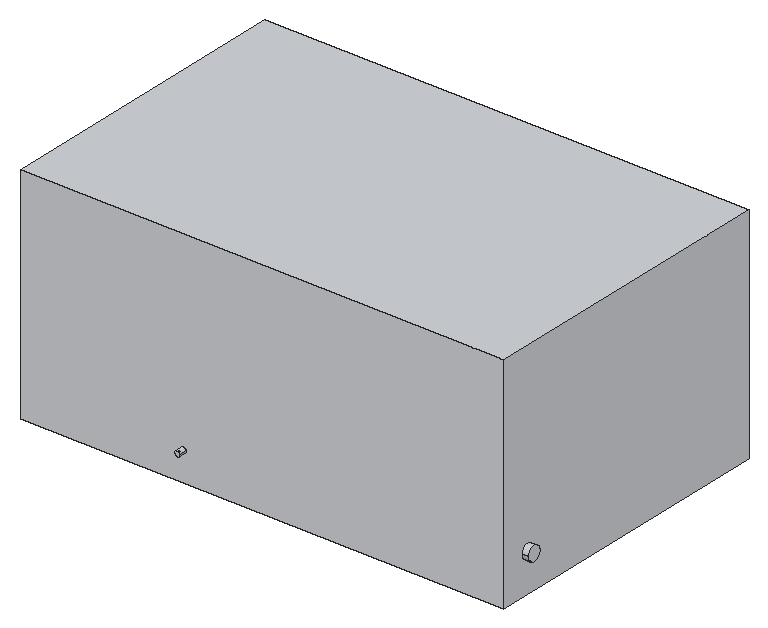
Revit family "c56fe1ef76ba45d2af809c8f269043e9", category Mechanical Equipment, Revit 2021
Family settings
  Round Connector Dimension = Use Radius
  Part Type = Normal
  OmniClass Number = 23.75.10.21.17
  OmniClass Title = Water-Source Heat Pumps
  Seek Item ID = Heat Pump - Single Packaged-0000-USA-ENU
  Work Plane-Based = No
  Always vertical = Yes
  Cut with Voids When Loaded = No
  Shared = No
  Room Calculation Point = No
Parameters (values of type "3 Tons")
  Voltage = 460 V
  Unit Width = 3' - 8 1/4"
  Unit Length = 5' - 9 7/8"
  Unit Height = 2' - 8 1/4"
  Supply Air Width = 15 1/4"
  Supply Air Height = 18"
  Supply Air Flow [instance] = 1440 CFM
  Return Air Width = 14"
  Return Air Height = 24"
  Return Air Flow [instance] = 1440 CFM
  Radius 4 = 0.2 * Fan Radius  # 0' - 1.77"
  Radius 3 = 0.4 * Fan Radius  # 0' - 3.54"
  Radius 2 = 0.6 * Fan Radius  # 0' - 5.31"
  Radius 1 = 0.8 * Fan Radius  # 0' - 7.08"
  Number of Poles = 3
  Material = none
  Load Classification = Cooling
  Heating Output [instance] = 59400 Btu/h
  Heating Input [instance] = 59371.3 Btu/h
  Fan Radius = 0.2 * Unit Width  # 0' - 8.85"
  Drain Radius = 3/8"
  Drain Flow [instance] = 0 GPM
  Drain Diameter = Drain Radius * 2  # 3/4"
  Distance 2 = Fan Radius + 0' 5"  # 1' - 1.85"
  Distance 1 = 0' - 9 1/4"
  Default Elevation = 0' - 0"
  Cooling Capacity [instance] = 38100 Btu/h
  C3 Offset 2 = 0' - 4 1/4"
  C3 Offset 1 = 1' - 11 9/16"
  C2 Offset 2 = 0' - 4"
  C2 Offset 1 = 0' - 3 5/8"
  Apparent Load = 3960 VA
  External Static Pressure [instance] = 0.69 in-wg
Types (7): name | Unit Width | Unit Length | Unit Height | Supply Air Width | Supply Air Height | Supply Air Flow | Return Air Width | Return Air Height | Return Air Flow | Radius 4 | Radius 3 | Radius 2 | Radius 1 | Heating Output | Heating Input | Fan Radius | Distance 2 | Distance 1 | Cooling Capacity | C3 Offset 1 | Apparent Load | External Static Pressure
  (no name) | 3' - 8 1/4" | 5' - 9 7/8" | 2' - 8 1/4" | 15 1/4" | 18" | 1440 CFM | 14" | 24" | 1440 CFM | 0' - 1.77" | 0' - 3.54" | 0' - 5.31" | 0' - 7.08" | 59400 Btu/h | 59371.3 Btu/h | 0' - 8.85" | 1' - 1.85" | 0' - 9 1/4" | 38100 Btu/h | 1' - 11 9/16" | 3960 VA | 0.69 in-wg
  3 Tons | 3' - 8 1/4" | 5' - 9 7/8" | 2' - 8 1/4" | 15 1/4" | 18" | 1440 CFM | 14" | 24" | 1440 CFM | 0' - 1.77" | 0' - 3.54" | 0' - 5.31" | 0' - 7.08" | 59400 Btu/h | 59371.3 Btu/h | 0' - 8.85" | 1' - 1.85" | 0' - 9 1/4" | 38100 Btu/h | 1' - 11 9/16" | 3960 VA | 0.69 in-wg
  4 Tons | 3' - 8 1/4" | 5' - 9 7/8" | 2' - 8 1/4" | 15 1/4" | 18" | 1920 CFM | 14" | 24" | 1920 CFM | 0' - 1.77" | 0' - 3.54" | 0' - 5.31" | 0' - 7.08" | 59400 Btu/h | 59371.3 Btu/h | 0' - 8.85" | 1' - 1.85" | 0' - 9 1/4" | 50800 Btu/h | 1' - 11 9/16" | 5050 VA | 1.07 in-wg
  5 Tons | 3' - 8 1/4" | 5' - 9 7/8" | 2' - 8 1/4" | 15 1/4" | 18" | 2400 CFM | 14" | 24" | 2400 CFM | 0' - 1.77" | 0' - 3.54" | 0' - 5.31" | 0' - 7.08" | 78520 Btu/h | 78479.3 Btu/h | 0' - 8.85" | 1' - 1.85" | 0' - 9 1/4" | 63100 Btu/h | 1' - 11 9/16" | 6740 VA | 0.76 in-wg
  6 Tons | 4' - 5 1/4" | 7' - 4 5/8" | 3' - 4 7/8" | 17 1/2" | 33" | 2880 CFM | 17 1/2" | 32 1/8" | 2880 CFM | 0' - 2.13" | 0' - 4.26" | 0' - 6.39" | 0' - 8.52" | 122900 Btu/h | 122837.1 Btu/h | 0' - 10.65" | 1' - 3.65" | 0' - 9 7/8" | 74000 Btu/h | 2' - 3 5/8" | 6600 VA | 0.41 in-wg
  7.5 Tons | 4' - 5 1/4" | 7' - 4 5/8" | 3' - 4 7/8" | 17 1/2" | 33" | 3600 CFM | 17 1/2" | 32 1/8" | 3600 CFM | 0' - 2.13" | 0' - 4.26" | 0' - 6.39" | 0' - 8.52" | 122900 Btu/h | 122837.1 Btu/h | 0' - 10.65" | 1' - 3.65" | 0' - 9 7/8" | 93000 Btu/h | 2' - 3 5/8" | 8710 VA | 0.68 in-wg
  10 Tons | 4' - 5 1/4" | 7' - 4 5/8" | 4' - 0 7/8" | 17 1/2" | 33" | 4080 CFM | 17 1/2" | 32 1/8" | 4080 CFM | 0' - 2.13" | 0' - 4.26" | 0' - 6.39" | 0' - 8.52" | 184360 Btu/h | 184255.6 Btu/h | 0' - 10.65" | 1' - 3.65" | 0' - 9 7/8" | 121000 Btu/h | 2' - 3 5/8" | 11190 VA | 0.86 in-wg
Reference planes (in)
  plane 1 "Center (Front/Back)": y = 0
  plane 2: z = 0
  plane 3 "Center (Left/Right)": x = 0
  plane 4: x = -69.875
  plane 5 "Unit Height": z = 32.25
  plane 6: y = 44.25
  plane 7: z = 4.25
  plane 8: x = -46.3125
  plane 9: y = 40.25
  plane 10: x = -66.25
  plane 11: x = -52.25
  plane 12: y = 16.25
  plane 13: x = -43
  plane 14: x = -27.75
  plane 15: y = 22.25
  plane 16: z = 5.625
  plane 17: y = 4.25
  plane 18: y = 22.125
  plane 19: x = -13.85
Forms (in)
  Extrusion 1, solid, material <- "Material"
    sketch origin (0, 0, 0) x (1, 0, 0) y (0, 1, 0)
      loop
        line (-69.875, 44.25) -> (-69.875, 0) -> (0, 0) -> (0, 44.25) -> (-69.875, 44.25)
    from 0 to 32.25
  Extrusion 2, solid, material <- "Material"
    sketch origin (0, 0, 0) x (1, 0, 0) y (0, 0, 1)
      loop
        circle (-46.3125, 4.25) r 0.375
    from 0 to 1.00679
  Extrusion 3, void
    sketch origin (0, 0, 0) x (1, 0, 0) y (0, 1, 0)
      loop
        line (-66.25, 40.25) -> (-66.25, 16.25) -> (-52.25, 16.25) -> (-52.25, 40.25) -> (-66.25, 40.25)
      loop
        line (-43, 40.25) -> (-43, 22.25) -> (-27.75, 22.25) -> (-27.75, 40.25) -> (-43, 40.25)
    from 0 to 4.25
  Extrusion 4, solid, material <- "Material"
    sketch origin (0, 0, 0) x (0, 1, 0) y (0, 0, 1)
      loop
        circle (4.25, 5.625) r 1
    from 0 to 1
Cuts and joins
  Extrusion 3 cuts Extrusion 1
  joined: Extrusion 1, Extrusion 2, Extrusion 4
Lines and regions (in)
  model lines
    curve 1: circle (-13.85, 22.125, 32.25) r 8.85 normal (0, 0, 1)
    curve 2: circle (-13.85, 22.125, 32.25) r 7.08 normal (0, 0, 1)
    curve 3: circle (-13.85, 22.125, 32.25) r 5.31 normal (0, 0, 1)
    curve 4: circle (-13.85, 22.125, 32.25) r 3.54 normal (0, 0, 1)
    curve 5: circle (-13.85, 22.125, 32.25) r 1.77 normal (0, 0, 1)
Dimensions and locks (in)
  "Unit Height": plane 5 "Unit Height" to plane 2
  "Unit Length": plane 4 to plane 3 "Center (Left/Right)"
  "Unit Width": plane 6 to plane 1 "Center (Front/Back)"
  "C3 Offset 2": plane 7 to plane 2
  "C3 Offset 1": plane 8 to plane 4
  locked: Extrusion 2 to plane 1 "Center (Front/Back)" at 1.00679
  "C2 Offset 2": plane 6 to plane 9
  "C2 Offset 1": plane 4 to plane 10
  "Return Air Height": plane 9 to plane 12
  "Return Air Width": plane 10 to plane 11
  "Distance 1": plane 11 to plane 13
  "Supply Air Width": plane 13 to plane 14
  "Supply Air Height": plane 9 to plane 15
  locked: plane 16 to plane 2 at 5.625
  locked: plane 17 to plane 1 "Center (Front/Back)" at 4.25
  locked: Extrusion 4 to plane 3 "Center (Left/Right)" at 1
  equal spacing: plane 6, plane 18, plane 1 "Center (Front/Back)"
  "Distance 2": plane 19 to plane 3 "Center (Left/Right)"
  "Drain Radius": radius of Extrusion 2 sketch curve
  radius of Extrusion 4 sketch curve = 0' - 1"
  "Fan Radius": radius of curve 1
  "Radius 1": radius of curve 2
  "Radius 2": radius of curve 3
  "Radius 3": radius of curve 4
  "Radius 4": radius of curve 5
  aligned and locked: plane 4 to Extrusion 1 sketch curve
  aligned and locked: Extrusion 1 sketch curve to plane 6
  aligned and locked: plane 1 "Center (Front/Back)" to Extrusion 1 sketch curve
  aligned and locked: Extrusion 1 sketch curve to plane 3 "Center (Left/Right)"
  aligned and locked: plane 5 "Unit Height" to Extrusion 1
  aligned and locked: Extrusion 1 to plane 2
  aligned and locked: plane 8 to Extrusion 2 sketch curve
  aligned and locked: plane 7 to Extrusion 2 sketch curve
  aligned and locked: plane 1 "Center (Front/Back)" to Extrusion 2
  aligned and locked: plane 10 to Extrusion 3 sketch curve
  aligned and locked: Extrusion 3 sketch curve to plane 9  (x2)
  aligned and locked: plane 12 to Extrusion 3 sketch curve
  aligned and locked: Extrusion 3 sketch curve to plane 11
  aligned and locked: plane 13 to Extrusion 3 sketch curve
  aligned and locked: plane 15 to Extrusion 3 sketch curve
  aligned and locked: Extrusion 3 sketch curve to plane 14
  aligned and locked: cut or joined group of Extrusion 1, Extrusion 2, Extrusion 3, Extrusion 4 to plane 2
  aligned and locked: plane 7 to cut or joined group of Extrusion 1, Extrusion 2, Extrusion 3, Extrusion 4
  aligned and locked: plane 17 to Extrusion 4 sketch curve
  aligned and locked: plane 16 to Extrusion 4 sketch curve
  aligned and locked: Extrusion 4 to plane 3 "Center (Left/Right)"
  aligned and locked: plane 19 to curve 1
  aligned and locked: plane 18 to curve 1
  aligned and locked: plane 19 to curve 2
  aligned and locked: plane 18 to curve 2
  aligned and locked: plane 19 to curve 3
  aligned and locked: plane 18 to curve 3
  aligned and locked: plane 19 to curve 4
  aligned and locked: plane 18 to curve 4
  aligned and locked: plane 19 to curve 5
  aligned and locked: plane 18 to curve 5
Connectors (in)
  hvac at (-35.375, 31.25, 4.25), driven by "Supply Air Flow", driven by "Supply Air Height", driven by "Supply Air Width"
    settings: on cut or joined group of Extrusion 1, Extrusion 2, Extrusion 3, Extrusion 4, index 1, duct flow 1440 CFM, flow factor 0, pres drop 0.00 in-wg, loss coef 0, conn angle 0.00°, conn width 15 1/4", conn height 18", conn diameter 24", duct sys type 1, conn prof type 1, flow config 0, flow direction 2, loss method 0, conn ref index 2, conn util no, is conn primary yes, conn desc ""
  hvac at (-59.25, 28.25, 4.25), driven by "Return Air Height", driven by "Return Air Width", driven by "Return Air Flow"
    settings: on cut or joined group of Extrusion 1, Extrusion 2, Extrusion 3, Extrusion 4, index 2, duct flow 1440 CFM, flow factor 0, pres drop 0.00 in-wg, loss coef 0, conn angle 0.00°, conn width 14", conn height 24", conn diameter 24", duct sys type 2, conn prof type 1, flow config 0, flow direction 1, loss method 0, conn ref index 1, conn util no, is conn primary no, conn desc ""
  piping at (-46.3125, -1.00679, 4.25), diameter 0.75, driven by "Drain Radius", driven by "Drain Flow"
    settings: on Extrusion 2, index 3, connector inside diameter 3/4", connector length 0' - 0", flow factor 0, pipe flow 0 GPM, pressure drop 0.00 psi, fitting loss kfactor 0, connector angle 0.00°, fixture units 0, engagement length 0' - 0", angle of deflection 0.00°, flow configuration 1, flow direction 2, fitting loss method 0, system type 16, joint type 0, gender type 0, connector reference index -1, connector utility 0, adjustable connector yes, is connector primary yes, connector description "Drain- Out"
  electrical at (1, 4.25, 5.625), driven by "Apparent Load", driven by "Voltage", driven by "Number of Poles", driven by "Load Classification"
    settings: on Extrusion 4, index 4, voltage 460 V, apparent load 3960 VA, apparent load phase1 0 VA, apparent load phase2 0 VA, apparent load phase3 0 VA, power factor 0.8, load classification "Cooling", number of poles 3, system type 30, power factor state 1, is connector primary yes, connector utility no, sub classification motor no, connector description ""
